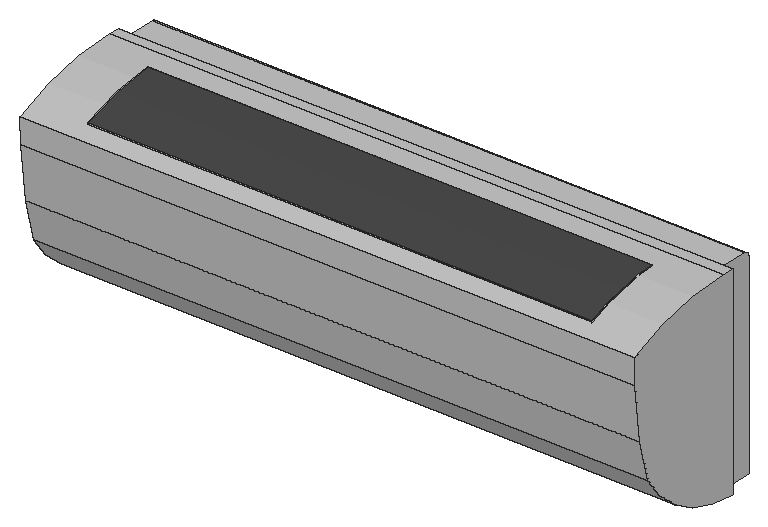
Revit family
Parameters (values of type "A12HA (L)")
  Width = 35 5/16"
  Unit Weight (LBS) = "29"
  URL = ""
  Subcategory = "HVAC"  # constant formula
  Specification URL = "http://www.mitsubishipro.com/en/professional/resources-and-tools"
  Sound Pressure Levels (dB(A)) = "36-40-43"
  SmartBIM Object Version = 3  # constant formula
  SmartBIM Object Created By = "Reed Construction Data"  # constant formula
  Return Air Duct Width = Width - (2 * 3 19/128")  # 29 1/64"
  Return Air Duct Length = 4 83/256"
  Refrigerant Pipe diameter (Liquid) = "1/4\""
  Refrigerant Pipe diameter (Gas) = "1/2\""
  Refrigerant Pipe Radius (Liquid) = 1/8"
  Refregerant Control Device = "LEV"  # constant formula
  Protection Device = "Fuse"  # constant formula
  Power Source = "208/230, 1, 60"  # constant formula
  Optional Parts = "PAC-YU25HT"
  Manufacturer URL = "http://www.mitsubishipro.com/en/professional/resources-and-tools"
  MCA = "Power From Outdoor"  # constant formula
  Installation URL = "http://www.mitsubishipro.com/en/professional/resources-and-tools"
  Refrigerant Pipe Radius (Gas) = 1/4"
  Height = 11 9/16"
  Heating Outdoor = "47° FD.B/43° FW.B"  # constant formula
  Heating Capacity(BTU) = ""
  Fan capacity (CFM) = "320-370-425"
  Fan Type x Quantity = "Line Flow Fan x 1"  # constant formula
  Fan Motor Type = "1-Phase Induction Motor"
  Fan Motor Output = "0.030 KW"
  Fan Driving Mechanism = "Direct Driven by Motor"  # constant formula
  Electrical Power Requirements = "1-phase 208/230V 60Hz"  # constant formula
  E.S.P (In. W.G.) = ""
  Description = "Wall Mounted Units"  # constant formula
  Depth = 9 3/4"
  Corresponding Outdoor Unit(s) = "PUY-A12NHA3 (-BS)"
  Model = "A12HA (L)"
  Manufacturer = "Mitsubishi Electric"  # constant formula
  External Material = Plastic-Munsell
  Default Elevation = 48"
  Cooling Outdoor = "95° FD.B"  # constant formula
  Cooling Capacity (BTU) = "12000"
  Connectable Out Door Unit = "R410A,R22 City Multi"  # constant formula
  Condensation Line Radius = Condensation Line Diameter / 2  # 5/8"
  Condensation Line Diameter = 1 1/4"
  Assembly Code = "D3030"
  Air Outlet Unit Material = Plastic Gray
  Air Outlet Length = 2 5/16"
  Air Intlet Unit Material = Grill
  AC Unit = PKFY : PKFY-P12NHMU-E
  95 CSI = "15760"  # constant formula
  04 CSI = "23 82 19"  # constant formula
Types (5): name | Width | Unit Weight (LBS) | Sound Pressure Levels (dB(A)) | Return Air Duct Width | Refrigerant Pipe diameter (Liquid) | Refrigerant Pipe diameter (Gas) | Refrigerant Pipe Radius (Liquid) | Refrigerant Pipe Radius (Gas) | Height | Heating Capacity(BTU) | Fan capacity (CFM) | Fan Motor Output | Depth | Corresponding Outdoor Unit(s) | Model | Cooling Capacity (BTU) | Air Outlet Length | AC Unit
  A12HA (L) | 35 5/16" | "29" | "36-40-43" | 29 1/64" | "1/4\"" | "1/2\"" | 1/8" | 1/4" | 11 9/16" | "" | "320-370-425" | "0.030 KW" | 9 3/4" | "PUY-A12NHA3 (-BS)" | "A12HA (L)" | "12000" | 2 5/16" | PKFY : PKFY-P12NHMU-E
  A24HA (L) | 46 1/16" | "46" | "39-42-45" | 39 49/64" | "3/8\"" | "5/8\"" | 3/16" | 5/16" | 14 3/8" | "26000" | "635-705-775" | "0.056 KW" | 11 5/8" | "PUY-A24NHA3 (-BS), PUZ-A24NHA3 (-BS)" | "A24HA (L)" | "24000" | 2 61/64" | PKFY : PKFY-P24NKMU-E
  A18HA (L) | 35 5/16" | "29" | "36-40-43" | 29 1/64" | "1/4\"" | "1/2\"" | 1/8" | 1/4" | 11 9/16" | "19000" | "320-370-425" | "0.030 KW" | 9 3/4" | "PUY-A18NHA3 (-BS), PUZ-A18NHA3 (-BS)" | "A18HA (L)" | "18000" | 2 5/16" | PKFY : PKFY-P12NHMU-E
  A30KA (L) | 46 1/16" | "46" | "39-42-45\r\n" | 39 49/64" | "3/8\"" | "5/8\"" | 3/16" | 5/16" | 14 3/8" | "32000\r\n" | "635-705-775\r\n" | "0.056 KW" | 11 5/8" | "PUY-A30NHA3 (-BS),PUZ-A30NHA3 (-BS), PUZ-HA30NHA2" | "A30KA (L)" | "30000" | 2 61/64" | PKFY : PKFY-P24NKMU-E
  A36KA (L) | 46 1/16" | "46" | "43-46-49" | 39 49/64" | "3/8\"" | "5/8\"" | 3/16" | 5/16" | 14 3/8" | "37000" | "705-810-920" | "0.056 KW" | 11 5/8" | "PUY-A36NHA3 (-BS), PUZ-A36NHA3 (-BS),PUZ-HA36NHA2" | "A36KA (L)" | "34200" | 2 61/64" | PKFY : PKFY-P24NKMU-E
Reference planes (in)
  plane 1: z = 0
  plane 2: y = -0.65391
  plane 3 "Center (Left/Right)": x = 28.94232
  plane 4: x = 11.28607
  plane 5: x = 46.59857
  plane 6: z = 11.5625
  plane 7: y = -10.40391
Forms (in)
  Extrusion 1, solid, material "Plastic-Munsell" <- "External Material"
    sketch origin (11.91599, -0.65391, 11.25387) x (0, 0, -1) y (0, -1, 0)
      loop
        circle (10.30311, 1.42918) r 0.25
    from 0 to 0.62992
  Extrusion 2, solid, material "Plastic-Munsell" <- "External Material"
    sketch origin (11.91599, -0.65391, 13.04676) x (0, 0, -1) y (0, -1, 0)
      loop
        circle (11.88298, 2.65402) r 0.625
    from 0.62992 to 1.19096
  Extrusion 3, solid, material "Plastic-Munsell" <- "External Material"
    sketch origin (11.91599, -0.63616, 12.70948) x (0, 0, -1) y (0, -1, 0)
      loop
        circle (10.78239, 1.44693) r 0.125
    from 0 to 0.62992
  Extrusion 4, solid
    sketch origin (0, 0, 0) x (1, 0, 0) y (0, 1, 0)
      loop
        line (14.43334, -4.40691) -> (14.43334, -8.73113) -> (43.44896, -8.73113) -> (43.44896, -4.40691) -> (14.43334, -4.40691)
    from 10.15748 to 10.55169
  Extrusion 5, solid, material "Plastic-Munsell" <- "External Material"
    sketch origin (11.91599, -0.65391, 11.25387) x (1, 0, 0) y (0, 0, -1)
      loop
        circle (0.7874, 9.19317) r 0.7874
    from 0 to 0.39155
  Extrusion 6, solid
    sketch origin (0, 0, 0) x (1, 0, 0) y (0, 1, 0)
      loop
        line (43.44896, -5.6002) -> (43.44896, -3.2877) -> (14.43567, -3.2877) -> (14.43567, -5.6002) -> (43.44896, -5.6002)
    from 1.20817 to 3.38752
Dimensions and locks (in)
  equal spacing: plane 4, plane 3 "Center (Left/Right)", plane 5
  "Width": plane 4 to plane 5
  "Height": plane 6 to level
  "Depth": plane 2 to plane 7
  "Return Air Duct Width": Extrusion 4 sketch curve to Extrusion 4 sketch curve
  "Return Air Duct Length": Extrusion 4 sketch curve to Extrusion 4 sketch curve
  locked: Extrusion 5 to Extrusion 5 at 0.39155
  "Air Outlet Length": Extrusion 6 sketch curve to Extrusion 6 sketch curve
  plane 4 to nested 1 = 3.14961"
  Extrusion 4 to plane 5 = 3.14961"
  "Refrigerant Pipe Radius (Gas)": radius of Extrusion 1 sketch curve
  "Condensation Line Radius": radius of Extrusion 2 sketch curve
  "Refrigerant Pipe Radius (Liquid)": radius of Extrusion 3 sketch curve
  aligned and locked: level to plane 1
  aligned and locked: plane 3 "Center (Left/Right)" to nested 1
  aligned and locked: nested 1 to Extrusion 1
  aligned and locked: Extrusion 3 to nested 1
  aligned and locked: nested 1 to Extrusion 3
  aligned and locked: Extrusion 2 to nested 1
  aligned and locked: Extrusion 4 sketch curve to nested 1  (x2)
  aligned and locked: Extrusion 4 to nested 1
  aligned and locked: nested 1 to Extrusion 6
  aligned and locked: Extrusion 5 to nested 1
Automatic sketch dimensions
  Extrusion 1 sketch curve to nested 1 = 0.47492"
  Extrusion 1 sketch curve to nested 1 = 0.95076"
  Extrusion 2 sketch curve to nested 1 = 1.16378"
  nested 1 to Extrusion 2 sketch curve = 0.74992"
  Extrusion 3 sketch curve to nested 1 = 0.47492"
  Extrusion 3 sketch curve to nested 1 = 1.92709"
  Extrusion 6 sketch curve to plane 4 = 3.14961"
  Extrusion 6 sketch curve to plane 5 = 3.14961"
  plane 2 to Extrusion 6 sketch curve = 2.63379"
  nested 1 to Extrusion 5 sketch curve = 0.7874"
  Extrusion 5 sketch curve to nested 1 = 2.0607"
  radius of Extrusion 5 sketch curve = 0.7874"
Nested families (in)
  nested 1: "PKFY" at (0, 0, 0), type <- "AC Unit", type "PKFY-P12NHMU-E"
    with Width 35 5/16"
Connectors (in)
  piping at (11.28607, -2.08309, 1.92709), driven by "Refrigerant Pipe Radius (Liquid)"
    settings: on Extrusion 3, index 1
  piping at (11.28607, -2.08309, 0.95076), driven by "Refrigerant Pipe Radius (Gas)"
    settings: on Extrusion 1, index 2
  piping at (10.72503, -3.30793, 1.16378), driven by "Condensation Line Radius"
    settings: on Extrusion 2, index 3
  hvac at (28.94115, -6.56902, 10.55169), driven by "Return Air Duct Width", driven by "Return Air Duct Length"
    settings: on Extrusion 4, index 4
  electrical at (12.70339, -0.26236, 2.0607)
    settings: on Extrusion 5, index 5
  hvac at (28.94232, -4.44395, 1.20817), driven by "Return Air Duct Width", driven by "Air Outlet Length"
    settings: on Extrusion 6, index 6
Definition of nested family "PKFY"
  Parameters (values of type "PKFY-P18NHMU-E")
    Width = 46 1/16"
    URL = ""
    Sound Level = "36-41-45dB(A)"
    SmartBIM Object Version = 3  # constant formula
    SmartBIM Object Created By = "Reed Construction Data"  # constant formula
    Refregerant Control Device = "LEV"  # constant formula
    Protection Device = "Fuse"  # constant formula
    Optional Parts = "PAC-YU25HT"
    Height = 11.61417"
    Fan Motor Type = "1-Phase Induction Motor"
    Fan Motor Output = "0.030 KW"
    Fan Driving Mechanism = "Direct Driven by Motor"  # constant formula
    Electrical Power Requirements = "1-phase 208/230V 60Hz"  # constant formula
    Heating Power Input = "0.03 kW"
    Depth = 9.80315"
    Cooling Power Input = "0.03 kW"
    Net Weight = "29Lbs/13Kg."
    Model = "PKFY-P18NHMU-E"
    Manufacturer = "Mitsubishi Electric & Electronics USA, Inc"  # constant formula
    Heating Outdoor = "47° FD.B/43° FW.B"  # constant formula
    External Material = Plastic-Munsell
    Default Elevation = 48"
    Cooling Outdoor = "95° FD.B"  # constant formula
    Nominal Heating Capacity = "20,000Btu/H"
    Fan Type*Quantity = "Line Flow Fan x 1"  # constant formula
    Heating Current = "0.30 A"
    Cooling Current = "0.30 A"
    Nominal Cooling Capacity = "18,000Btu/H"
    Fan Air Flow Rate(Low-Mid2-Mid1-High) = "320-370-425cfm"
    Connectable Out Door Unit = "R410A,R22 City Multi"  # constant formula
    Bottom Inlet = Plastic Gray Bottom
    Assembly Code = ""
    Air Outlet Unit Material = Plastic Gray
    Air Intlet Unit Material = Grill
    Ac unit = no
    Ac Unit-1 = yes
    95 CSI = ""
    04 CSI = ""
  Types (7): name | Sound Level | Optional Parts | Fan Motor Output | Heating Power Input | Depth | Cooling Power Input | Net Weight | Model | Nominal Heating Capacity | Heating Current | Cooling Current | Nominal Cooling Capacity | Fan Air Flow Rate(Low-Mid2-Mid1-High) | Ac unit | Ac Unit-1
    PKFY-P06NBMU-E | "32-33-35-36dB(A)" | "PAC-SA88HA-E" | "0.008 KW" | "0.03 kW" | 8.85827" | "0.03 kW" | "22Lbs/10Kg." | "PKFY-P06NBMU-E" | "6,700Btu/H" | "0.15 A" | "0.15 A" | "6,000Btu/H" | "170-180-200-210cfm" | no | yes
    PKFY-P08NBMU-E | "32-33-35-36dB(A)" | "PAC-SA88HA-E" | "0.008 KW" | "0.03 kW" | 8.85827" | "0.03 kW" | "22Lbs/10Kg." | "PKFY-P08NBMU-E" | "9,000Btu/H" | "0.15 A" | "0.15 A" | "8,000Btu/H" | "170-180-200-210cfm" | no | yes
    PKFY-P12NHMU-E | "34-38-42dB(A)" | "PAC-YU25HT" | "0.030 KW" | "0.03 kW" | 9.80315" | "0.03 kW" | "29Lbs/13Kg." | "PKFY-P12NHMU-E" | "13,500Btu/H" | "0.30 A" | "0.30 A" | "12,000Btu/H" | "320-355-390cfm" | no | yes
    PKFY-P15NHMU-E | "34-38-42dB(A)" | "PAC-YU25HT" | "0.030 KW" | "0.03 kW" | 9.80315" | "0.03 kW" | "29Lbs/13Kg." | "PKFY-P15NHMU-E" | "17,000Btu/H" | "0.30 A" | "0.30 A" | "15,000Btu/H" | "320-370-405cfm" | no | yes
    PKFY-P18NHMU-E | "36-41-45dB(A)" | "PAC-YU25HT" | "0.030 KW" | "0.03 kW" | 9.80315" | "0.03 kW" | "29Lbs/13Kg." | "PKFY-P18NHMU-E" | "20,000Btu/H" | "0.30 A" | "0.30 A" | "18,000Btu/H" | "320-370-425cfm" | no | yes
    PKFY-P24NKMU-E | "39-45dB(A)" | "PAC-YU25HT" | "0.056 KW" | "0.04 kW" | 11.61417" | "0.04 kW" | "46Lbs/21Kg." | "PKFY-P24NKMU-E" | "27,000Btu/H" | "0.30 A" | "0.30 A" | "24,000Btu/H" | "570-710cfm" | yes | no
    PKFY-P30NKMU-E | "43-49dB(A)" | "PAC-YU25HT" | "0.056 KW" | "0.06 kW" | 11.61417" | "0.06 kW" | "46Lbs/21Kg." | "PKFY-P30NKMU-E" | "34,000Btu/H" | "0.43 A" | "0.43 A" | "30,000Btu/H" | "710-850cfm" | yes | no
  Reference planes (in)
    plane 1: z = 0
    plane 2: y = -0.65391
    plane 3 "Center (Left/Right)": x = 28.94232
    plane 4: x = 5.91107
    plane 5: x = 51.97357
    plane 6: x = 6.54099
    plane 7: x = 51.34365
    plane 8: z = 11.61417
    plane 9: x = 9.06067
    plane 10: x = 48.82396
    plane 11: z = 12.23315
    plane 12: z = 9.25197
    plane 13: y = -10.45706
    plane 14: y = -3.14856
    plane 15: y = -2.55801
  Forms (in)
    Extrusion 1, solid, material "Plastic-Munsell" <- "External Material", visible <- "Ac Unit-1"
      sketch origin (28.94232, -1.30782, 0) x (0, 1, 0) y (0, 0, -1)
        loop
          line (-1.25019, -11.61462) -> (-1.25019, -0.00315)
          arc (-1.25019, -0.00315) -> (-4.74281, -0.9093) -> (-7.36539, -3.38752) r 7.24604
          arc (-7.36539, -3.38752) -> (-7.67755, -4.52207) -> (-7.92896, -5.67162) r 22.1269
          arc (-7.92896, -5.67162) -> (-8.16321, -7.17801) -> (-8.29317, -8.69696) r 22.1269
          arc (-8.29317, -8.69696) -> (-8.3183, -9.42752) -> (-8.31928, -10.1585) r 22.1269
          arc (-8.31928, -10.1585) -> (-5.19387, -11.24601) -> (-1.90526, -11.61462) r 14.8546
          line (-1.90526, -11.61462) -> (-1.25019, -11.61462)
      from -23.03125 to 23.03125
    Extrusion 2, solid, material "Plastic-Munsell" <- "External Material", visible <- "Ac Unit-1"
      sketch origin (28.94232, -1.30782, 0) x (0, 1, 0) y (0, 0, -1)
        loop
          line (-1.25019, -11.50387) -> (0.40391, -11.50387)
          arc (0.40391, -11.50387) -> (0.58069, -11.43065) -> (0.65391, -11.25387) r 0.25
          line (0.65391, -11.25387) -> (0.65391, 0) -> (-1.25019, 0) -> (-1.25019, -11.50387)
      from -22.40133 to 22.40133
    Extrusion 3, void
      sketch origin (28.94232, -22.74458, 48) x (0, 1, 0) y (0, 0, 1)
        loop
          line (14.01345, -37.44831) -> (14.01345, -37.87328)
          arc (14.01345, -37.87328) -> (16.13488, -37.18365) -> (18.33713, -36.82849) r 14.4609
          line (18.33713, -36.82849) -> (18.33713, -36.43348)
          arc (18.33713, -36.43348) -> (16.13715, -36.7784) -> (14.01345, -37.44831) r 14.8546
        loop
          line (18.512, -47.79687) -> (18.512, -46.62853)
          arc (18.512, -46.62853) -> (17.306, -46.19802) -> (16.20116, -45.55063) r 6.85234
          line (16.20116, -45.55063) -> (16.20124, -46.79183)
          arc (16.20124, -46.79183) -> (17.31259, -47.39557) -> (18.512, -47.79687) r 7.24604
      from -19.88164 to 19.88164
    Extrusion 4, solid, material "Grill" <- "Air Intlet Unit Material", visible <- "Ac Unit-1"
      sketch origin (28.94232, -22.74458, 48) x (0, -1, 0) y (0, 0, 1)
        loop
          arc (-14.01345, -37.44831) -> (-16.13715, -36.7784) -> (-18.33713, -36.43348) r 14.8546
          line (-18.33713, -36.43348) -> (-18.33713, -36.82849)
          arc (-18.33713, -36.82849) -> (-16.13488, -37.18365) -> (-14.01345, -37.87328) r 14.4609
          line (-14.01345, -37.87328) -> (-14.01345, -37.44831)
      from -19.88164 to 19.88164
    Extrusion 5, solid, material "Plastic Gray Bottom" <- "Bottom Inlet", visible <- "Ac Unit-1"
      sketch origin (28.94232, -22.74458, 48) x (0, -1, 0) y (0, 0, 1)
        loop
          line (-18.512, -46.62853) -> (-18.512, -47.23173)
          arc (-18.512, -47.23173) -> (-17.31024, -46.81503) -> (-16.2012, -46.19224) r 7.15942
          line (-16.2012, -46.19224) -> (-16.20116, -45.55063)
          arc (-16.20116, -45.55063) -> (-17.306, -46.19802) -> (-18.512, -46.62853) r 6.85234
      from -19.88164 to 19.88164
  Cuts and joins
    Extrusion 3 cuts Extrusion 1
  Dimensions and locks (in)
    equal spacing: plane 4, plane 3 "Center (Left/Right)", plane 5
    "Width": plane 4 to plane 5
    locked: plane 4 to plane 6 at 0.62992
    locked: plane 7 to plane 5 at 0.62992
    "Height": plane 8 to level
    locked: plane 4 to plane 9 at 3.14961
    locked: plane 10 to plane 5 at 3.14961
    locked: plane 11 to plane 8 at 0.61897
    locked: plane 12 to plane 8 at 2.3622
    "Depth": plane 2 to plane 13
    plane 8 to Extrusion 2 sketch curve to Extrusion 2 sketch curve = 0.1103" locked, 1/4" locked
    locked: plane 14 to plane 13 at 7.3085
    locked: plane 15 to plane 14 at 0.59055
    aligned and locked: Extrusion 2 to plane 6
    aligned and locked: Extrusion 2 to plane 7
    aligned and locked: plane 5 to Extrusion 1
    aligned and locked: plane 4 to Extrusion 1
    aligned and locked: level to plane 1
    aligned and locked: Extrusion 2 sketch curve to level
    aligned and locked: Extrusion 2 sketch curve to plane 2
    aligned and locked: Extrusion 2 sketch curve to plane 15
    aligned and locked: Extrusion 1 sketch curve to plane 15
    aligned and locked: nested 1 to plane 3 "Center (Left/Right)"
    aligned and locked: Extrusion 3 sketch curve to Extrusion 1  (x2)
    aligned and locked: Extrusion 4 sketch curve to cut or joined group of Extrusion 1, Extrusion 3  (x4)
    aligned and locked: cut or joined group of Extrusion 1, Extrusion 3 to plane 9
    aligned and locked: cut or joined group of Extrusion 1, Extrusion 3 to plane 10
    aligned and locked: Extrusion 5 to plane 9
    aligned and locked: Extrusion 4 to plane 9
    aligned and locked: Extrusion 4 to plane 10
    aligned and locked: Extrusion 5 to plane 10
    aligned and locked: plane 2 to nested 1
    aligned and locked: Extrusion 3 sketch curve to Extrusion 5
  Automatic sketch dimensions
    plane 8 to Extrusion 1 sketch curve = 0.00044"
    Extrusion 1 sketch curve to plane 14 = 0.06452"
    Extrusion 1 sketch curve to plane 13 = 1.78385"
    Extrusion 1 sketch curve to plane 13 = 1.22028"
    plane 12 to Extrusion 1 sketch curve = 0.555"
    Extrusion 1 sketch curve to Extrusion 1 sketch curve = 0.02611"
    plane 15 to Extrusion 1 sketch curve = 0.01609"
    plane 12 to Extrusion 1 sketch curve = 2.0028"
    plane 15 to Extrusion 5 sketch curve = 0.06079"
    plane 15 to Extrusion 5 sketch curve = 0.01609"
    Extrusion 5 sketch curve to plane 14 = 1.08403"
    Extrusion 5 sketch curve to Extrusion 5 sketch curve = 2.31084"
    level to Extrusion 5 sketch curve = 0.76827"
    Extrusion 5 sketch curve to Extrusion 5 sketch curve = 0.6032"
    level to Extrusion 5 sketch curve = 1.80776"
    Extrusion 5 sketch curve to Extrusion 5 sketch curve = 0.64161"
    Extrusion 3 sketch curve to Extrusion 3 sketch curve = 0"  (x2)
    level to Extrusion 3 sketch curve = 13/64"
    Extrusion 3 sketch curve to plane 8 = 0.04765"
    level to Extrusion 3 sketch curve = 1.20817"
    Extrusion 3 sketch curve to plane 8 = 1 1/16"
    Extrusion 3 sketch curve to Extrusion 3 sketch curve = 0.42497"
    level to Extrusion 3 sketch curve = 2.44937"
    Extrusion 5 sketch curve to Extrusion 5 sketch curve = 0.00004"
  Nested families (in)
    nested 1: "PKFY-P24" at (28.94232, -0.65391, 0), visible <- "Ac unit", type "PKFY-P24"
      with Width 46 1/16"
  Definition of nested family "PKFY-P24"
    Parameters (values of type "PKFY-P24")
      Width = 30 13/16"
      Plastic Gray Bottom = Plastic Black Botom
      Out Let = Plastic Gray
      Material = Plastic-Munsell
      Inlet = Grill
      Assembly Code = ""
    Reference planes (in)
      plane 1 "Center (Front/Back)": y = 0
      plane 2: z = 0
      plane 3 "Center (Left/Right)": x = 0
      plane 4: x = -15.40625
      plane 5: x = 15.40625
      plane 6: x = -12.25664
      plane 7: x = 12.25664
      plane 8: x = -14.77633
      plane 9: x = 14.77633
      plane 10: y = -11.61417
    Forms (in)
      Extrusion 1, solid, material "Plastic-Munsell" <- "Material"
        sketch origin (0, -3.71513, 0) x (0, 1, 0) y (0, 0, 1)
          loop
            line (0, 14.37052) -> (-0.65507, 14.37052)
            arc (-0.65507, 14.37052) -> (-3.94368, 14.00192) -> (-7.06909, 12.91441) r 14.8546
            arc (-7.06909, 12.91441) -> (-7.06811, 12.18342) -> (-7.04299, 11.45287) r 22.1269
            arc (-7.04299, 11.45287) -> (-6.91302, 9.93392) -> (-6.67878, 8.42752) r 22.1269
            arc (-6.67878, 8.42752) -> (-6.42737, 7.27798) -> (-6.1152, 6.14343) r 22.1269
            arc (-6.1152, 6.14343) -> (-3.88331, 2.2498) -> (0, 0) r 8.64415
            line (0, 0) -> (0, 14.37052)
        from -15.40625 to 15.40625
      Extrusion 2, void
        sketch origin (0, -3.71513, 0) x (0, 1, 0) y (0, 0, 1)
          loop
            arc (-2.00879, 14.30871) -> (-4.01395, 13.98579) -> (-5.95632, 13.39237) r 14.8546
            line (-5.95632, 13.39237) -> (-5.95632, 13.12441)
            arc (-5.95632, 13.12441) -> (-4.01511, 13.72875) -> (-2.00879, 14.05765) r 14.6046
            line (-2.00879, 14.05765) -> (-2.00879, 14.30871)
          loop
            line (-3.81371, 2.53625) -> (-3.81371, 2.18067)
            arc (-3.81371, 2.18067) -> (-2.59749, 1.18633) -> (-1.22139, 0.42853) r 8.64415
            line (-1.22139, 0.42853) -> (-1.22139, 0.70219)
            arc (-1.22139, 0.70219) -> (-2.60507, 1.49552) -> (-3.81371, 2.53625) r 8.39415
        from -12.25664 to 12.25664
      Extrusion 3, solid, material "Grill" <- "Inlet"
        sketch origin (0, -3.71513, 0) x (0, 1, 0) y (0, 0, 1)
          loop
            arc (-2.00879, 14.30871) -> (-4.01395, 13.98579) -> (-5.95632, 13.39237) r 14.8546
            line (-5.95632, 13.39237) -> (-5.95632, 13.12441)
            arc (-5.95632, 13.12441) -> (-4.01511, 13.72875) -> (-2.00879, 14.05765) r 14.6046
            line (-2.00879, 14.05765) -> (-2.00879, 14.30871)
        from -12.25664 to 12.25664
      Extrusion 4, solid, material "Plastic Black Botom" <- "Plastic Gray Bottom"
        sketch origin (0, -3.71513, 0) x (0, 1, 0) y (0, 0, 1)
          loop
            arc (-1.22139, 0.70219) -> (-2.60507, 1.49552) -> (-3.81371, 2.53625) r 8.39415
            line (-3.81371, 2.53625) -> (-3.81371, 2.36521)
            arc (-3.81371, 2.36521) -> (-2.59749, 1.37088) -> (-1.22139, 0.61308) r 8.64415
            line (-1.22139, 0.61308) -> (-1.22139, 0.70219)
        from -12.25664 to 12.25664
      Extrusion 5, solid, material "Plastic-Munsell" <- "Material"
        sketch origin (0, -0.95921, 0) x (0, 1, 0) y (0, 0, 1)
          loop
            line (-2.75592, 14.37052) -> (-2.75592, 0) -> (0.95921, 0) -> (0.95921, 14.12052)
            arc (0.95921, 14.12052) -> (0.88599, 14.2973) -> (0.70921, 14.37052) r 0.25
            line (0.70921, 14.37052) -> (-2.75592, 14.37052)
        from -14.77633 to 14.77633
    Cuts and joins
      Extrusion 2 cuts Extrusion 1
    Dimensions and locks (in)
      equal spacing: plane 4, plane 3 "Center (Left/Right)", plane 5
      "Width": plane 4 to plane 5
      locked: plane 6 to plane 4 at 3.14961
      locked: plane 7 to plane 5 at 3.14961
      locked: Extrusion 5 sketch curve to Extrusion 5 sketch curve at 0.25
      locked: plane 4 to plane 8 at 0.62992
      locked: plane 9 to plane 5 at 0.62992
      locked: plane 1 "Center (Front/Back)" to plane 10 at 11.61417
      aligned and locked: plane 4 to Extrusion 1
      aligned and locked: plane 5 to Extrusion 1
      aligned and locked: Extrusion 2 sketch curve to Extrusion 1
      aligned and locked: cut or joined group of Extrusion 1, Extrusion 2 to plane 6
      aligned and locked: cut or joined group of Extrusion 1, Extrusion 2 to plane 7
      aligned and locked: Extrusion 3 sketch curve to cut or joined group of Extrusion 1, Extrusion 2  (x4)
      aligned and locked: Extrusion 4 to plane 6
      aligned and locked: Extrusion 4 to plane 7
      aligned and locked: Extrusion 3 to plane 7
      aligned and locked: Extrusion 3 to plane 6
      aligned and locked: plane 8 to Extrusion 5
      aligned and locked: plane 9 to Extrusion 5
      aligned and locked: Extrusion 5 to cut or joined group of Extrusion 1, Extrusion 2
    Automatic sketch dimensions
      Extrusion 1 sketch curve to Extrusion 1 sketch curve = 0"  (x6)
      plane 1 "Center (Front/Back)" to Extrusion 1 sketch curve = 3.71513"
      Extrusion 1 sketch curve to level = 0"
      Extrusion 1 sketch curve to Extrusion 1 sketch curve = 0.65507"
      plane 1 "Center (Front/Back)" to Extrusion 1 sketch curve = 9.83034"
      Extrusion 1 sketch curve to Extrusion 1 sketch curve = 0.56358"
      Extrusion 1 sketch curve to Extrusion 1 sketch curve = 0.36421"
      Extrusion 1 sketch curve to Extrusion 1 sketch curve = 0.02611"
      plane 1 "Center (Front/Back)" to Extrusion 1 sketch curve = 1.47205"
      Extrusion 1 sketch curve to Extrusion 1 sketch curve = 12.81217"
      Extrusion 1 sketch curve to level = 0.48408"
      level to Extrusion 1 sketch curve = 6.14343"
      Extrusion 1 sketch curve to Extrusion 1 sketch curve = 2.2841"
      Extrusion 2 sketch curve to Extrusion 2 sketch curve = 0"  (x4)
      Extrusion 2 sketch curve to Extrusion 2 sketch curve = 3.94753"
      Extrusion 2 sketch curve to Extrusion 2 sketch curve = 0.26796"
      plane 1 "Center (Front/Back)" to Extrusion 2 sketch curve = 9.67146"
      plane 1 "Center (Front/Back)" to Extrusion 5 sketch curve = 3.71513"
      Extrusion 5 sketch curve to Extrusion 5 sketch curve = 3.46513"
      level to Extrusion 5 sketch curve = 0"
      Extrusion 5 sketch curve to Extrusion 5 sketch curve = 14.12052"
      level to Extrusion 4 sketch curve = 0.61308"
      level to Extrusion 4 sketch curve = 2.36521"
      Extrusion 2 sketch curve to plane 10 = 4.08533"
      level to Extrusion 2 sketch curve = 0.70219"
      Extrusion 2 sketch curve to Extrusion 2 sketch curve = 0.56632"
      plane 1 "Center (Front/Back)" to Extrusion 2 sketch curve = 1.47205"
      Extrusion 2 sketch curve to Extrusion 2 sketch curve = 0.27366"
      level to Extrusion 2 sketch curve = 2.18067"
      Extrusion 4 sketch curve to Extrusion 4 sketch curve = 0"
      Extrusion 4 sketch curve to Extrusion 4 sketch curve = 0.18455"
      Extrusion 4 sketch curve to plane 10 = 4.08533"
      level to Extrusion 4 sketch curve = 0.70219"
      Extrusion 4 sketch curve to Extrusion 4 sketch curve = 2.59232"
      plane 1 "Center (Front/Back)" to Extrusion 4 sketch curve = 1.47205"
